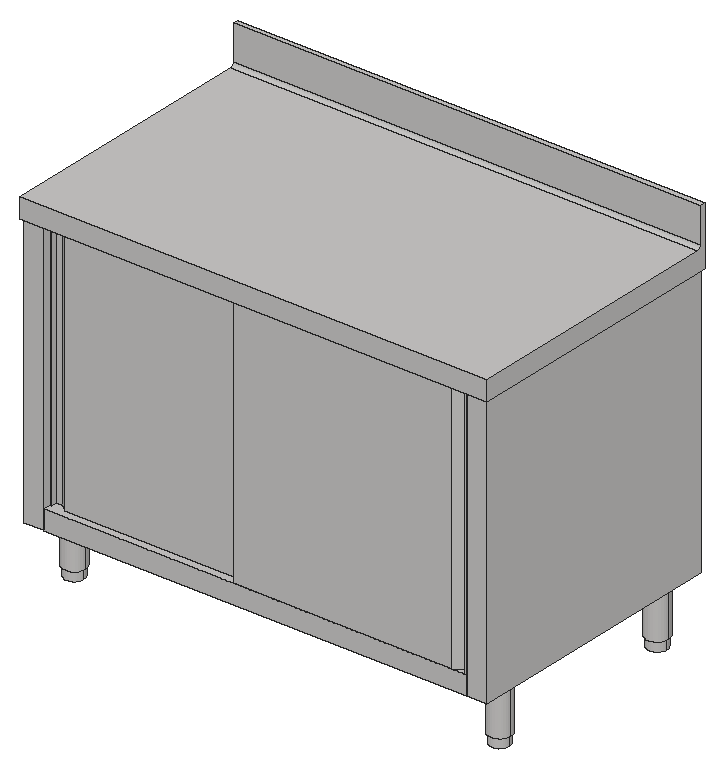
Revit family "QF_ZANUSSI_132777_MTN1210PN", category Attrezzature speciali, Revit 2020
Family settings
  Quota connettore circolare = Usa diametro
  Tipo di parte = Normale
  Basato su piano di lavoro = No
  Sempre verticale = Sì
  Taglio con vuoti quando caricato = No
  Condiviso = No
  Punto di calcolo locali = No
Parameters (values of type "Standard")
  Weight = 55.00 kg
  Watts = 0 W
  Volts = 0 V
  URL Manufacturer = "http://www.zanussiprofessional.com"
  URL = "http://www.zanussiprofessional.com"
  Steam Supply Size = 0 mm
  Steam Supply Minimum Pressure = 0.0 Pa
  Steam Supply Maximum Pressure = 0.0 Pa
  Steam Consumption per Hour = 0
  Refrigeration Suction Line Size = 0.0 mm
  Refrigeration Liquid Line Size = 0.0 mm
  Refrigerant Compressor Remote = yes
  Prospetto di default = 0.0 mm
  Produttore = "Zanussi"
  Phase = 0
  Modello = "MTN1210PN"
  Length Actual = 1200.0 mm  # constant formula
  Item Number = "132777"
  Hot Water Size = 0 mm
  Height Actual = 1000.0 mm  # constant formula
  HP = "0 HP"
  Gas Size = 0 mm
  Gas KW = 0
  Gas Input Pressure = 0 W
  Direct Waste Size = 0 mm
  Descrizione = "WORKTOP CUPB+UPST+SHELF+SLIDING D.1200MM"
  Depth Actual = 700.0 mm  # constant formula
  Cycle = 0 Hz
  Condensate Return Size = 0 mm
  Compressed Air Volume = 0.0 L/s
  Compressed Air Size = 0 mm
  Compressed Air Pressure = 0.0 Pa
  Cold Water Size = 0 mm
  Accessory = yes
Reference planes
  plane 1 "Center (Front/Back)": y = 0
  plane 2: z = 0
  plane 3 "Center (Left/Right)": x = -100
  plane 4 "LEFT": x = -700
  plane 5 "RIGHT": x = 500
  plane 6 "BACK": y = 350
  plane 7 "FRONT": y = -350
  plane 8 "Base": z = 850
  plane 9 "TOP": z = 900
  plane 10: x = -646.9
  plane 11: x = 446.9
  plane 12: y = 264.5
  plane 13: y = -241.9
  plane 14 "BodyLeft": x = -694.5
  plane 15 "BodyFront": y = -344.5
  plane 16 "BodyRight": x = 494.5
  plane 17 "BodyBack": y = 344.5
  plane 18 "FEET": z = 150
  plane 19: x = -44.5
  plane 20: x = -155.5
Forms (mm)
  Extrusion 1, solid, material "QF_Finishes_Stainless Steel"
    sketch origin (-100, 0, 0) x (0, 1, 0) y (0, 0, 1)
      loop
        line (-350, 850) -> (350, 850) -> (350, 1000) -> (337, 1000) -> (337, 910)
        arc (337, 910) -> (334.071, 902.929) -> (327, 900) r 10
        line (327, 900) -> (-350, 900) -> (-350, 850)
    from 600 to -600
  Extrusion 2, solid, material "QF_Finishes_Stainless Steel"
    sketch origin (0, 0, 150) x (-1, 0, 0) y (0, -1, 0)
      loop
        line (694.5, -344.5) -> (694.5, 344.5) -> (644.5, 344.5) -> (644.5, -344.5) -> (694.5, -344.5)
      loop
        line (-444.5, -344.5) -> (-444.5, 344.5) -> (-494.5, 344.5) -> (-494.5, -344.5) -> (-444.5, -344.5)
    from 0 to 700
  Extrusion 3, solid, material "QF_Finishes_Stainless Steel"
    sketch origin (0, 0, 150) x (-1, 0, 0) y (0, -1, 0)
      loop
        line (643.585, -344.5) -> (643.585, 344.5) -> (-444.5, 344.5) -> (-444.5, -344.5) -> (643.585, -344.5)
    from 0 to 50
  Extrusion 4, solid, material "QF_Finishes_Stainless Steel"
    sketch origin (0, 0, 150) x (-1, 0, 0) y (0, -1, 0)
      loop
        line (643.585, -344.5) -> (643.585, -294.5) -> (-444.5, -294.5) -> (-444.5, -344.5) -> (643.585, -344.5)
    from 50 to 700
  Extrusion 5, solid, material "QF_Finishes_Stainless Steel"
    sketch origin (0, 0, 150) x (-1, 0, 0) y (0, -1, 0)
      loop
        line (-444.5, 344.5) -> (-444.5, 324.5) -> (155.5, 324.5) -> (155.5, 344.5) -> (-404.5, 344.5) -> (-424.5, 329.5) -> (-439.5, 329.5) -> (-439.5, 344.5) -> (-444.5, 344.5)
    from 50 to 700
  Extrusion 6, solid, material "QF_Finishes_Stainless Steel"
    sketch origin (0, 20, 150) x (1, 0, 0) y (0, 1, 0)
      loop
        line (-644.5, -344.5) -> (-639.5, -344.5) -> (-639.5, -329.5) -> (-624.5, -329.5) -> (-604.5, -344.5) -> (-44.5, -344.5) -> (-44.5, -324.5) -> (-644.5, -324.5) -> (-644.5, -344.5)
    from 50 to 700
Lines and regions (mm)
  symbolic lines
    curve 1: line (500, 350, 900) -> (-700, 350, 900)
    curve 2: line (-700, 350, 900) -> (-700, -350, 900)
    curve 3: line (-700, -350, 900) -> (500, -350, 900)
    curve 4: line (500, -350, 900) -> (500, 350, 900)
    curve 5: line (-700, 337, 900) -> (500, 337, 900)
  symbolic lines, style "SpecialityEquipmentHiddenLines"
    curve 6: line (-694.5, -344.5, 150) -> (-694.5, 344.5, 150)
    curve 7: line (-694.5, 344.5, 150) -> (494.5, 344.5, 150)
    curve 8: line (494.5, 344.5, 150) -> (494.5, -344.5, 150)
    curve 9: line (494.5, -344.5, 150) -> (-694.5, -344.5, 150)
    curve 10: line (-644.5, -304.5, 150) -> (-44.5, -304.5, 150)
    curve 11: line (-44.5, -304.5, 150) -> (-44.5, -324.5, 150)
    curve 12: line (444.5, -324.5, 150) -> (-644.5, -324.5, 150)
    curve 13: line (-644.5, -324.5, 150) -> (-644.5, -304.5, 150)
    curve 14: line (-155.5, -344.5, 150) -> (-155.5, -324.5, 150)
Dimensions and locks
  plane 4 "LEFT" to plane 5 "RIGHT" = 1200.0 mm
  equal spacing: plane 4 "LEFT", plane 3 "Center (Left/Right)", plane 5 "RIGHT"
  locked: plane 8 "Base" to level at 850
  locked: Extrusion 1 to level at 1000
  plane 9 "TOP" to level = 900.0 mm
  plane 6 "BACK" to plane 7 "FRONT" = 700.0 mm
  equal spacing: plane 6 "BACK", plane 1 "Center (Front/Back)", plane 7 "FRONT"
  locked: plane 4 "LEFT" to plane 14 "BodyLeft" at 5.5
  locked: plane 16 "BodyRight" to plane 5 "RIGHT" at 5.5
  locked: plane 15 "BodyFront" to plane 7 "FRONT" at 5.5
  locked: plane 6 "BACK" to plane 17 "BodyBack" at 5.5
  locked: plane 14 "BodyLeft" to plane 10 at 47.6
  locked: plane 11 to plane 16 "BodyRight" at 47.6
  locked: plane 13 to plane 15 "BodyFront" at 102.6
  locked: plane 17 "BodyBack" to plane 12 at 80
  plane 10 to plane 11 = 1093.8 mm
  plane 12 to plane 13 = 506.4 mm
  locked: plane 18 "FEET" to level at 150
  locked: plane 14 "BodyLeft" to Extrusion 2 sketch curve at 50
  locked: Extrusion 2 sketch curve to Extrusion 2 sketch curve at 50
  Extrusion 3 to Extrusion 4 sketch curve = 50.0 mm
  Extrusion 2 to plane 19 = 600.0 mm
  plane 20 to Extrusion 2 = 600.0 mm
  aligned and locked: level to plane 2
  aligned and locked: plane 10 to nested 1
  aligned and locked: nested 1 to plane 13
  aligned and locked: plane 11 to nested 2
  aligned and locked: nested 2 to plane 13
  aligned and locked: plane 11 to nested 4
  aligned and locked: nested 4 to plane 12
  aligned and locked: plane 10 to nested 3
  aligned and locked: nested 3 to plane 12
  aligned and locked: Extrusion 1 to plane 4 "LEFT"
  aligned and locked: plane 5 "RIGHT" to Extrusion 1
  aligned and locked: curve 2 to plane 4 "LEFT"
  aligned and locked: plane 17 "BodyBack" to Extrusion 2 sketch curve
  aligned and locked: Extrusion 2 sketch curve to plane 15 "BodyFront"
  aligned and locked: Extrusion 2 sketch curve to plane 14 "BodyLeft"
  aligned and locked: plane 16 "BodyRight" to Extrusion 2 sketch curve
  aligned and locked: Extrusion 2 sketch curve to plane 17 "BodyBack"
  aligned and locked: plane 15 "BodyFront" to Extrusion 2 sketch curve
  aligned and locked: Extrusion 3 sketch curve to plane 17 "BodyBack"
  aligned and locked: plane 15 "BodyFront" to Extrusion 3 sketch curve
  aligned and locked: plane 8 "Base" to Extrusion 2
  aligned and locked: plane 8 "Base" to Extrusion 5
  aligned and locked: Extrusion 5 to Extrusion 3
  aligned and locked: Extrusion 6 sketch curve to plane 19
  aligned and locked: Extrusion 5 sketch curve to plane 20
  aligned and locked: curve 7 to plane 17 "BodyBack"
  aligned and locked: Extrusion 2 to plane 14 "BodyLeft"
  aligned and locked: plane 16 "BodyRight" to curve 8
  aligned and locked: plane 15 "BodyFront" to curve 9
Automatic sketch dimensions
  curve 3 to plane 7 "FRONT" = 0.0 mm
  curve 5 to plane 5 "RIGHT" = 0.0 mm
  curve 4 to plane 6 "BACK" = 0.0 mm
  curve 5 to plane 17 "BodyBack" = 7.5 mm
  Extrusion 1 sketch curve to plane 7 "FRONT" = 0.0 mm
  Extrusion 1 sketch curve to plane 9 "TOP" = 0.0 mm
  Extrusion 1 sketch curve to plane 6 "BACK" = 0.0 mm
  Extrusion 1 sketch curve to plane 8 "Base" = 0.0 mm
  Extrusion 1 sketch curve to plane 17 "BodyBack" = 17.5 mm
  Extrusion 1 sketch curve to plane 17 "BodyBack" = 7.5 mm
  Extrusion 1 sketch curve to Extrusion 1 sketch curve = 90.0 mm
  Extrusion 5 sketch curve to plane 15 "BodyFront" = 0.0 mm  (x2)
  Extrusion 5 sketch curve to plane 11 = 2.4 mm
  Extrusion 5 sketch curve to Extrusion 5 sketch curve = 5.0 mm
  Extrusion 5 sketch curve to Extrusion 5 sketch curve = 15.0 mm
  Extrusion 5 sketch curve to Extrusion 5 sketch curve = 20.0 mm
  plane 15 "BodyFront" to Extrusion 5 sketch curve = 15.0 mm
  plane 15 "BodyFront" to Extrusion 5 sketch curve = 20.0 mm
  Extrusion 6 sketch curve to plane 15 "BodyFront" = 20.0 mm  (x2)
  Extrusion 6 sketch curve to plane 10 = 2.4 mm
  Extrusion 6 sketch curve to Extrusion 6 sketch curve = 5.0 mm
  Extrusion 6 sketch curve to Extrusion 6 sketch curve = 15.0 mm
  Extrusion 6 sketch curve to Extrusion 6 sketch curve = 20.0 mm  (x2)
  Extrusion 6 sketch curve to plane 15 "BodyFront" = 35.0 mm
  Extrusion 3 sketch curve to plane 11 = 2.4 mm
  plane 10 to Extrusion 3 sketch curve = 3.315 mm
  Extrusion 4 sketch curve to plane 11 = 2.4 mm
  plane 10 to Extrusion 4 sketch curve = 3.315 mm
  curve 10 to plane 19 = 0.0 mm
  curve 14 to plane 20 = 0.0 mm
  curve 7 to plane 14 "BodyLeft" = 0.0 mm
  plane 10 to curve 13 = 2.4 mm
  curve 10 to curve 13 = 20.0 mm
  curve 12 to plane 11 = 2.4 mm
  plane 15 "BodyFront" to curve 14 = 20.0 mm
Nested families
  nested 1: "FEET_D58-150" at (-646.9, -241.9, 0), type "FEET_D58-150"
  nested 2: "FEET_D58-150" at (446.9, -241.9, 0), type "FEET_D58-150"
  nested 3: "FEET_D58-150" at (-646.9, 264.5, 0), type "FEET_D58-150"
  nested 4: "FEET_D58-150" at (446.9, 264.5, 0), type "FEET_D58-150"
Definition of nested family "FEET_D58-150"
  Parameters
    Default Elevation = 0.0 mm
    FEET = 150.0 mm
  Reference planes
    plane 1 "Center (Front/Back)": y = 0
    plane 2: z = 0
    plane 3 "Center (Left/Right)": x = 0
    plane 4: z = 150
  Forms (mm)
    Extrusion 1, solid
      sketch origin (0, 0, 0) x (1, 0, 0) y (0, 1, 0)
        loop
          circle (0, 0) r 25
      from 0 to 25
    Extrusion 2, solid
      sketch origin (0, 0, 0) x (1, 0, 0) y (0, 1, 0)
        loop
          circle (0.061, 0) r 29
      from 25 to 150 <- "FEET"
  Lines and regions (mm)
    symbolic lines
      curve 1: line (0, -1.503, 0) -> (0, 1.508, 0)
      curve 2: line (1.561, 0, 0) -> (-1.439, 0, 0)
  Dimensions and locks
    "FEET": plane 4 to plane 2
    aligned and locked: level to plane 2
  Automatic sketch dimensions
    plane 1 "Center (Front/Back)" to Extrusion 1 sketch curve = 0.0 mm
    Extrusion 1 sketch curve to plane 3 "Center (Left/Right)" = 0.0 mm
    plane 1 "Center (Front/Back)" to curve 2 = 0.0 mm
    curve 1 to plane 3 "Center (Left/Right)" = 0.0 mm
    curve 2 to plane 3 "Center (Left/Right)" = 1.439 mm
    plane 3 "Center (Left/Right)" to curve 2 = 1.561 mm
    plane 1 "Center (Front/Back)" to curve 1 = 1.503 mm
    curve 1 to plane 1 "Center (Front/Back)" = 1.508 mm
    plane 1 "Center (Front/Back)" to Extrusion 2 sketch curve = 0.0 mm
    plane 3 "Center (Left/Right)" to Extrusion 2 sketch curve = 0.061 mm
    radius of Extrusion 1 sketch curve = 25.0 mm
    radius of Extrusion 2 sketch curve = 29.0 mm
